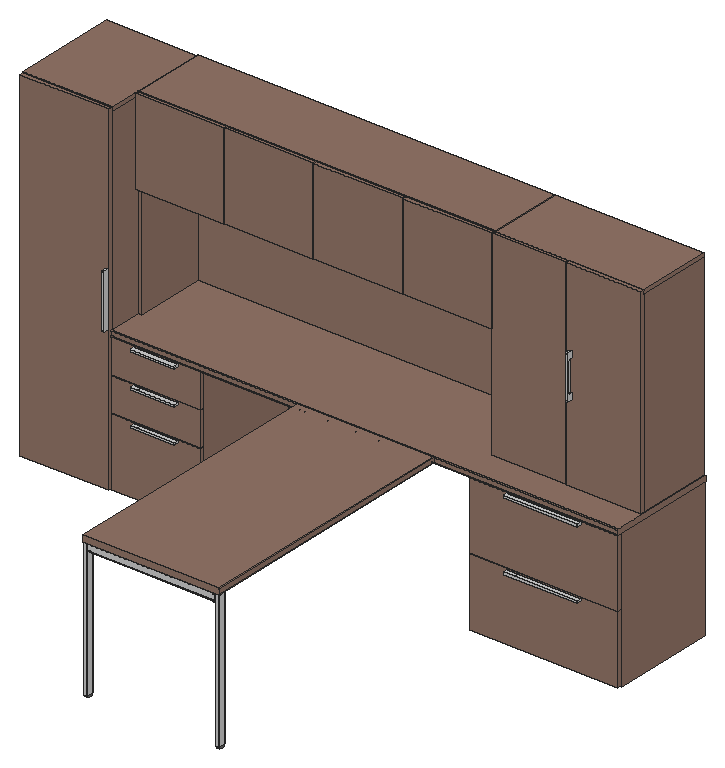
Revit family "FLV019", category Furniture, Revit 2019 (continued)
Definition of nested family "JSI-Flux-Wb_Pm_Ht"
  Forms (in)
    Extrusion 15, solid, material <- "Shelf"
      from -9.90625 to 9.25
    Extrusion 16, solid, material <- "Shelf"
      sketch origin (-1, 0, -32.16029) x (1, 0, 0) y (0, 0, 1)
        loop
          line (-34.28288, 68.46875) -> (-34.28288, 67.71875) -> (-23.78288, 67.71875) -> (-23.78288, 68.46875) -> (-34.28288, 68.46875)
      from -9.90625 to 9.25
    Extrusion 17, solid, material <- "Door Front"
      sketch origin (0, 0, 0) x (1, 0, 0) y (0, 1, 0)
        loop
          line (-35.97038, -10.3125) -> (-35.97038, -11.0625) -> (-18.09538, -11.0625) -> (-18.09538, -10.3125) -> (-35.97038, -10.3125)
      from 0.4375 to 81.09375
    Extrusion 18, solid, material <- "Chassis", visible <- "Partition"
      sketch origin (0, 0, 0) x (1, 0, 0) y (0, 1, 0)
        loop
          line (-24.78288, 9.90625) -> (-24.78288, -10.25) -> (-24.03288, -10.25) -> (-24.03288, 9.90625) -> (-24.78288, 9.90625)
      from 2.25 to 80.46875
    Extrusion 19, void
      sketch origin (0, 0, 0) x (1, 0, 0) y (0, 1, 0)
        loop
          line (-24.09538, -10.3125) -> (-24.09538, -11.3125) -> (-23.97038, -11.3125) -> (-23.97038, -10.3125) -> (-24.09538, -10.3125)
      from 0.3125 to 81.21875
    Extrusion 20, void
      sketch origin (0, 0, 0) x (1, 0, 0) y (0, 0, 1)
        loop
          line (-36.06413, 26.9375) -> (-24.06413, 26.9375) -> (-24.06413, 27.0625) -> (-36.06413, 27.0625) -> (-36.06413, 26.9375)
      from 10.3125 to 11.3125
    Extrusion 21, void
      sketch origin (0, 0, 0) x (1, 0, 0) y (0, 0, 1)
        loop
          line (-36.06413, 20.70313) -> (-36.06413, 20.57813) -> (-24.06413, 20.57813) -> (-24.06413, 20.70313) -> (-36.06413, 20.70313)
      from 10.3125 to 11.3125
    Extrusion 22, void
      sketch origin (0, 0, 0) x (1, 0, 0) y (0, 0, 1)
        loop
          line (-36.06413, 14.34375) -> (-36.06413, 14.21875) -> (-24.06413, 14.21875) -> (-24.06413, 14.34375) -> (-36.06413, 14.34375)
      from 10.3125 to 11.3125
    Extrusion 23, void
      sketch origin (0, 0, 0) x (1, 0, 0) y (0, 0, 1)
        loop
          line (-36.06413, 81.21875) -> (-36.06413, 27.0625) -> (-24.06413, 27.0625) -> (-24.06413, 81.21875) -> (-36.06413, 81.21875)
      from 10.3125 to 11.3125
    Extrusion 24, void
      sketch origin (0, 0, 0) x (1, 0, 0) y (0, 1, 0)
        loop
          line (-24.09538, -12.3125) -> (-24.09538, -13.3125) -> (-23.97038, -13.3125) -> (-23.97038, -12.3125) -> (-24.09538, -12.3125)
      from 26.9375 to 81.21875
  Cuts and joins
    Extrusion 19, Extrusion 20, Extrusion 21, Extrusion 22, Extrusion 23, Extrusion 24 cuts Extrusion 17
  Lines and regions (in)
    symbolic lines
      curve 1: line (-36.06413, 10.75, 0) -> (-36.06413, -10.28125, 0)
      curve 2: line (-18.00163, 10.75, 0) -> (-36.06413, 10.75, 0)
      curve 3: line (-18.00163, -10.28125, 0) -> (-36.06413, -10.28125, 0)
      curve 4: line (-18.00163, 10.75, 0) -> (-18.00163, -10.28125, 0)
      curve 15: line (-35.97038, -10.3125, 0) -> (-35.97038, -11.0625, 0)
      curve 16: line (-18.09538, -10.3125, 0) -> (-23.97038, -10.3125, 0)
      curve 17: line (-18.09538, -11.0625, 0) -> (-23.97038, -11.0625, 0)
      curve 18: line (-18.09538, -10.3125, 0) -> (-18.09538, -11.0625, 0)
      curve 21: line (-24.09538, -10.3125, 0) -> (-35.97038, -10.3125, 0)
      curve 22: line (-24.09538, -11.0625, 0) -> (-35.97038, -11.0625, 0)
    symbolic lines, detail levels medium+fine
      curve 5: line (-36.03288, 10.71875, 0) -> (-36.03288, -10.25, 0)
      curve 6: line (-35.28288, 10.71875, 0) -> (-35.28288, -10.25, 0)
      curve 7: line (-18.78288, 10.71875, 0) -> (-18.78288, -10.25, 0)
      curve 8: line (-18.03288, 10.71875, 0) -> (-18.03288, -10.25, 0)
      curve 9: line (-35.28288, 10.71875, 0) -> (-36.03288, 10.71875, 0)
      curve 10: line (-35.28288, -10.25, 0) -> (-36.03288, -10.25, 0)
      curve 11: line (-18.03288, 10.71875, 0) -> (-18.78288, 10.71875, 0)
      curve 12: line (-18.03288, -10.25, 0) -> (-18.78288, -10.25, 0)
      curve 13: line (-18.78288, 10.65625, 0) -> (-35.28288, 10.65625, 0)
      curve 14: line (-18.78288, 9.90625, 0) -> (-35.28288, 9.90625, 0)
    symbolic lines, visible <- "F"
      curve 19: line (-24.09538, -10.3125, 0) -> (-24.09538, -11.0625, 0)
      curve 20: line (-23.97038, -10.3125, 0) -> (-23.97038, -11.0625, 0)
    symbolic lines, visible <- "FD"
      curve 23: line (-24.09538, -10.3125, 0) -> (-23.97038, -10.3125, 0)
      curve 24: line (-24.09538, -11.0625, 0) -> (-23.97038, -11.0625, 0)
    symbolic lines, visible <- "Door Line"
      curve 25: line (-24.09538, -10.3125, 0) -> (-24.09538, -11.0625, 0)
      curve 26: line (-23.97038, -10.3125, 0) -> (-23.97038, -11.0625, 0)
    symbolic lines, visible <- "W"
      curve 27: line (-24.09538, -11.0625, 0) -> (-23.97038, -11.0625, 0)
      curve 28: line (-24.09538, -10.3125, 0) -> (-23.97038, -10.3125, 0)
  Dimensions and locks (in)
    locked: plane 2 "Center (Left/Right)" to plane 5 at 0.03125
    locked: plane 6 to plane 4 at 0.03125
    "Width": plane 2 "Center (Left/Right)" to plane 4
    locked: plane 7 to plane 3 "Center (Front/Back)" at 0.03125
    locked: plane 5 to plane 9 at 0.75
    locked: plane 10 to plane 6 at 0.75
    equal spacing: plane 2 "Center (Left/Right)", plane 11, plane 4
    "Height": plane 12 to plane 1
    locked: plane 12 to plane 16 at 0.75
    locked: plane 13 to plane 1 at 0.3125
    locked: plane 15 to plane 14 at 0.75
    locked: plane 14 to plane 13 at 1.1875
    plane 18 to plane 17 to plane 7 = 0' - 0 3/4" locked, 0' - 0 1/16" locked
    locked: plane 19 to plane 18 at 4
    plane 40 to plane 8 to plane 20 = 0' - 0 1/32", 0' - 0 1/32"
    locked: plane 20 to plane 21 at 4
    locked: plane 9 to plane 22 at 1
    locked: plane 23 to plane 10 at 1
    locked: plane 20 to plane 24 at 1
    locked: plane 25 to plane 18 at 1
    locked: curve 5 to curve 6 at 0.75
    locked: curve 7 to curve 8 at 0.75
    locked: plane 27 to plane 13 at 0.125
    locked: plane 5 to plane 28 at 0.0625
    locked: plane 29 to plane 6 at 0.0625
    plane 30 to plane 11 to plane 31 = 0' - 0 1/16" locked, 0' - 0 1/16" locked
    locked: plane 12 to plane 32 at 0.125
    locked: plane 34 to plane 33 at 0.75
    "Bottom_Shelf_ Dist": plane 34 to plane 15
    equal spacing: plane 33, plane 35, plane 15
    plane 36 to plane 35 to plane 37 = 0' - 0 3/8" locked, 0' - 0 3/8" locked
    locked: plane 38 to plane 39 at 0.75
    locked: plane 26 to plane 40 at 0.75
    "Depth": plane 26 to plane 3 "Center (Front/Back)"
    "C_Shelf_Width": Extrusion 12 sketch curve to Extrusion 12 sketch curve
    "Bottom_Shelf_Width": Extrusion 13 sketch curve to Extrusion 13 sketch curve
    "H_Dist_Bottom_Shelf": Extrusion 13 to plane 9
    "H_Dist_C_Panel": Extrusion 12 to plane 9
    "Top_Shelf_Width": Extrusion 14 sketch curve to Extrusion 14 sketch curve
    locked: Extrusion 14 sketch curve to Extrusion 14 sketch curve at 0.75
    "Top_Shelf_Width": Extrusion 15 sketch curve to Extrusion 15 sketch curve
    locked: Extrusion 15 sketch curve to Extrusion 15 sketch curve at 0.75
    equal spacing: group 1, group 2, group 3  (x2)
    equal spacing: group 3, group 2, group 1
    "H_Dist_Top_Shelf": Extrusion 14 to plane 2 "Center (Left/Right)"
    "Top_Shelf_Dist": plane 12 to Extrusion 14
    "Top_Shelf_Array_Dist": Extrusion 14 to Extrusion 15
    "Top_Shelf_Width": Extrusion 16 sketch curve to Extrusion 16 sketch curve
    locked: Extrusion 16 sketch curve to Extrusion 16 sketch curve at 0.75
    locked: plane 34 to plane 49 at 0.3125
    locked: plane 50 to plane 49 at 0.125
    locked: plane 51 to plane 14 at 0.125
    equal spacing: plane 49, plane 52, plane 51
    plane 53 to plane 52 to plane 54 = 0' - 0 1/16" locked, 0' - 0 1/16" locked
    locked: plane 55 to plane 56 at 0.75
    "Partition Dist": plane 2 "Center (Left/Right)" to plane 55
    locked: plane 57 to plane 58 at 0.125
    "H_Dist_V_Void": plane 2 "Center (Left/Right)" to plane 57
    equal spacing: plane 49, plane 59, plane 53
    plane 60 to plane 59 to plane 61 = 0' - 0 1/16" locked, 0' - 0 1/16" locked
    "H_Void_Width": plane 62 to plane 63
    "H_Void_H_Dist": plane 2 "Center (Left/Right)" to plane 62
    "V_Void_Dist": plane 41 to plane 40
    "H_Void_Top_Dist": plane 43 to plane 40
    "H_Void_C_Dist": plane 45 to plane 40
    "H_Void_Bottom_Dist": plane 47 to plane 40
    locked: plane 42 to plane 41 at 1
    locked: plane 44 to plane 43 at 1
    locked: plane 46 to plane 45 at 1
    locked: plane 48 to plane 47 at 1
    locked: plane 65 to plane 64 at 1
    "H_Void_Upper_Dist": plane 64 to plane 40
    equal spacing: plane 26, plane 67, plane 3 "Center (Front/Back)"
    locked: plane 12 to plane 68 at 3.625
    "Hanger_Dist": plane 2 "Center (Left/Right)" to plane 66
    locked: plane 49 to plane 72 at 0.20313
    locked: plane 61 to plane 73 at 0.20312
    locked: plane 54 to plane 74 at 0.20312
    "Top_Pull_Dist": plane 2 "Center (Left/Right)" to plane 69
    "C_Pull_Dist": plane 2 "Center (Left/Right)" to plane 70
    "Bottom_Pull_Dist": plane 2 "Center (Left/Right)" to plane 71
    plane 12 to plane 13 = 6' - 8 29/32"
    equal spacing: plane 12, plane 77, plane 13
    "L_Vertical_Pull_Dist": plane 2 "Center (Left/Right)" to plane 75
    "R_Vertical_Pull_Dist": plane 2 "Center (Left/Right)" to plane 76
    "Top_2_Pull_Dist": plane 2 "Center (Left/Right)" to plane 78
    locked: plane 80 to plane 79 at 1
    "Top_V_Void_Dist": plane 79 to plane 43
    radius of Extrusion 8 sketch curve = 0' - 0 1/2"
    radius of Extrusion 9 sketch curve = 0' - 0 1/2"
    radius of Extrusion 10 sketch curve = 0' - 0 1/2"
    radius of Extrusion 11 sketch curve = 0' - 0 1/2"
    aligned and locked: level to plane 1
    aligned and locked: Extrusion 1 sketch curve to plane 5
    aligned and locked: Extrusion 1 sketch curve to plane 9
    aligned and locked: Extrusion 1 sketch curve to plane 7
    aligned and locked: Extrusion 2 sketch curve to plane 7
    aligned and locked: Extrusion 2 sketch curve to plane 6
    aligned and locked: Extrusion 2 sketch curve to plane 10
    aligned and locked: Extrusion 3 sketch curve to plane 17
    aligned and locked: Extrusion 3 sketch curve to plane 18
    aligned and locked: Extrusion 3 sketch curve to plane 9
    aligned and locked: Extrusion 3 sketch curve to plane 10
    aligned and locked: plane 16 to Extrusion 3
    aligned and locked: plane 3 "Center (Front/Back)" to Extrusion 4 sketch curve
    aligned and locked: plane 12 to Extrusion 4 sketch curve
    aligned and locked: plane 16 to Extrusion 4 sketch curve
    aligned and locked: plane 8 to Extrusion 4 sketch curve
    aligned and locked: Extrusion 4 to plane 2 "Center (Left/Right)"
    aligned and locked: plane 4 to Extrusion 4
    aligned and locked: plane 18 to Extrusion 5 sketch curve
    aligned and locked: plane 19 to Extrusion 5 sketch curve
    aligned and locked: plane 13 to Extrusion 5 sketch curve
    aligned and locked: plane 14 to Extrusion 5 sketch curve
    aligned and locked: Extrusion 3 to plane 13
    aligned and locked: plane 21 to Extrusion 6 sketch curve
    aligned and locked: plane 20 to Extrusion 6 sketch curve
    aligned and locked: plane 13 to Extrusion 6 sketch curve
    aligned and locked: plane 14 to Extrusion 6 sketch curve
    aligned and locked: Extrusion 5 to plane 9
    aligned and locked: Extrusion 6 to plane 9
    aligned and locked: plane 10 to Extrusion 6
    aligned and locked: plane 10 to Extrusion 5
    aligned and locked: plane 14 to Extrusion 7 sketch curve
    aligned and locked: plane 15 to Extrusion 7 sketch curve
    aligned and locked: plane 18 to Extrusion 7 sketch curve
    aligned and locked: plane 20 to Extrusion 7 sketch curve
    aligned and locked: Extrusion 7 to plane 9
    aligned and locked: plane 10 to Extrusion 7
    aligned and locked: Extrusion 10 to plane 1
    aligned and locked: Extrusion 8 to plane 1
    aligned and locked: plane 13 to Extrusion 8
    aligned and locked: plane 13 to Extrusion 10
    aligned and locked: Extrusion 11 to plane 1
    aligned and locked: Extrusion 9 to plane 1
    aligned and locked: plane 13 to Extrusion 9
    aligned and locked: plane 13 to Extrusion 11
    aligned and locked: plane 11 to nested 1
    aligned and locked: curve 1 to plane 2 "Center (Left/Right)"
    aligned and locked: curve 2 to plane 3 "Center (Front/Back)"
    aligned and locked: curve 4 to plane 4
    aligned and locked: curve 9 to plane 7
    aligned and locked: curve 11 to plane 7
    aligned and locked: curve 5 to plane 5
    aligned and locked: curve 7 to plane 10
    aligned and locked: plane 9 to curve 14
    aligned and locked: plane 10 to curve 13
    aligned and locked: plane 10 to curve 14
    aligned and locked: plane 26 to nested 1
    aligned and locked: plane 8 to Extrusion 4
    aligned and locked: plane 20 to Extrusion 1
    aligned and locked: curve 10 to plane 20
    aligned and locked: curve 12 to plane 20
    aligned and locked: plane 20 to Extrusion 2
    aligned and locked: Extrusion 12 sketch curve to plane 33
    aligned and locked: Extrusion 12 sketch curve to plane 34
    aligned and locked: Extrusion 12 to plane 18
    aligned and locked: plane 20 to Extrusion 12
    aligned and locked: Extrusion 13 sketch curve to plane 37
    aligned and locked: Extrusion 13 sketch curve to plane 36
    aligned and locked: Extrusion 14 to plane 18
    aligned and locked: plane 24 to Extrusion 14
    aligned and locked: Extrusion 14 to Extrusion 15
    aligned and locked: Extrusion 17 sketch curve to plane 28
    aligned and locked: Extrusion 17 sketch curve to plane 40
    aligned and locked: Extrusion 17 sketch curve to plane 26
    aligned and locked: Extrusion 17 sketch curve to plane 29
    aligned and locked: Extrusion 17 to plane 27
    aligned and locked: plane 32 to Extrusion 17
    aligned and locked: Extrusion 18 sketch curve to plane 55
    aligned and locked: Extrusion 18 sketch curve to plane 56
    aligned and locked: Extrusion 18 sketch curve to plane 18
    aligned and locked: Extrusion 18 sketch curve to plane 20
    aligned and locked: Extrusion 18 to plane 15
    aligned and locked: plane 16 to Extrusion 18
    aligned and locked: Extrusion 13 to plane 18
    aligned and locked: plane 20 to Extrusion 13
    aligned and locked: Extrusion 19 sketch curve to plane 57
    aligned and locked: Extrusion 19 sketch curve to plane 58
    aligned and locked: Extrusion 19 sketch curve to plane 41
    aligned and locked: Extrusion 19 sketch curve to plane 42
    aligned and locked: Extrusion 19 to plane 13
    aligned and locked: plane 12 to Extrusion 19
    aligned and locked: Extrusion 20 sketch curve to plane 49
    aligned and locked: Extrusion 20 sketch curve to plane 50
    aligned and locked: Extrusion 20 sketch curve to plane 62
    aligned and locked: Extrusion 20 sketch curve to plane 63
    aligned and locked: plane 44 to Extrusion 20
    aligned and locked: Extrusion 20 to plane 43
    aligned and locked: Extrusion 21 sketch curve to plane 60
    aligned and locked: Extrusion 21 sketch curve to plane 61
    aligned and locked: Extrusion 21 sketch curve to plane 62
    aligned and locked: Extrusion 21 sketch curve to plane 63
    aligned and locked: plane 46 to Extrusion 21
    aligned and locked: Extrusion 21 to plane 45
    aligned and locked: Extrusion 22 sketch curve to plane 53
    aligned and locked: Extrusion 22 sketch curve to plane 54
    aligned and locked: Extrusion 22 sketch curve to plane 62
    aligned and locked: Extrusion 22 sketch curve to plane 63
    aligned and locked: plane 48 to Extrusion 22
    aligned and locked: Extrusion 22 to plane 47
    aligned and locked: Extrusion 23 sketch curve to plane 12
    aligned and locked: Extrusion 23 sketch curve to plane 62
    aligned and locked: Extrusion 23 sketch curve to plane 63
    aligned and locked: Extrusion 23 sketch curve to plane 50
    aligned and locked: plane 65 to Extrusion 23
    aligned and locked: Extrusion 23 to plane 64
    aligned and locked: plane 66 to nested 2
    aligned and locked: plane 68 to nested 2
    aligned and locked: plane 67 to nested 2
    aligned and locked: nested 3 to plane 69
    aligned and locked: nested 4 to plane 70
    aligned and locked: nested 5 to plane 71
    aligned and locked: plane 72 to nested 3
    aligned and locked: plane 73 to nested 4
    aligned and locked: plane 74 to nested 5
    aligned and locked: plane 77 to nested 6
    aligned and locked: plane 75 to nested 6
    aligned and locked: plane 77 to nested 7
    aligned and locked: plane 76 to nested 7
    aligned and locked: plane 26 to nested 3
    aligned and locked: nested 4 to plane 26
    aligned and locked: plane 26 to nested 5
    aligned and locked: plane 26 to nested 6
    aligned and locked: plane 26 to nested 7
    aligned and locked: plane 16 to Extrusion 1
    aligned and locked: plane 16 to Extrusion 2
    aligned and locked: curve 15 to plane 28
    aligned and locked: curve 16 to plane 40
    aligned and locked: curve 17 to plane 26
    aligned and locked: curve 18 to plane 29
    aligned and locked: plane 58 to curve 24
    aligned and locked: plane 40 to curve 23
    aligned and locked: plane 26 to curve 24
    aligned and locked: plane 72 to nested 8
    aligned and locked: nested 8 to plane 78
    aligned and locked: Extrusion 24 sketch curve to plane 57
    aligned and locked: Extrusion 24 sketch curve to plane 58
    aligned and locked: Extrusion 24 sketch curve to plane 79
    aligned and locked: Extrusion 24 sketch curve to plane 80
    aligned and locked: plane 12 to Extrusion 24
    aligned and locked: Extrusion 24 to plane 49
    aligned and locked: curve 25 to plane 57
    aligned and locked: curve 26 to plane 58
    aligned and locked: plane 40 to curve 26
    aligned and locked: plane 26 to curve 26
    aligned and locked: plane 26 to curve 27
    aligned and locked: plane 40 to curve 28
  Automatic sketch dimensions
    Extrusion 8 sketch curve to plane 22 = 0' - 0"
    plane 25 to Extrusion 8 sketch curve = 0' - 0"
    Extrusion 9 sketch curve to plane 23 = 0' - 0"
    plane 25 to Extrusion 9 sketch curve = 0' - 0"
    Extrusion 10 sketch curve to plane 22 = 0' - 0"
    plane 24 to Extrusion 10 sketch curve = 0' - 0"
    Extrusion 11 sketch curve to plane 23 = 0' - 0"
    plane 24 to Extrusion 11 sketch curve = 0' - 0"
    plane 20 to Extrusion 1 sketch curve = 0' - 0"
    plane 20 to Extrusion 2 sketch curve = 0' - 0"
    plane 8 to curve 4 = 0' - 0"
    plane 18 to curve 14 = 0' - 0"
    plane 17 to curve 13 = 0' - 0"
    Extrusion 12 sketch curve to plane 9 = 0' - 0"
    Extrusion 13 sketch curve to plane 56 = 0' - 0"
  Nested families (in)
    nested 1: "Label 1-16" at (-27.03288, -11.0625, 0), type "DRWCFG"
    nested 2: "Hanger" at (-28.02501, -0.15625, 77.59375), Hngr L <- "Hngr_L", Hngr R <- "Hngr_R", Hanger Finish <- "Pull Finish", type "HNGR"
      with Hngr R no, Hngr L yes, Hanger Finish none
    nested 3: "Bar Pull CL" at (-32.97814, -11.0625, 26.73438), visible <- "Top_Pull", Pull Line <- "Top_Pull", Pull Finish <- "Pull Finish", type "PL"
      with Pull Line yes, Pull Finish none, Stud 0' - 1.54911", Pull Width 0' - 10 27/32"
    nested 4: "Bar Pull CL" at (-32.97814, -11.0625, 20.375), visible <- "C_Pull", Pull Line <- "C_Pull", Pull Finish <- "Pull Finish", type "PL"
      with Pull Line yes, Pull Finish none, Stud 0' - 1.54911", Pull Width 0' - 10 27/32"
    nested 5: "Bar Pull CL" at (-32.97814, -11.0625, 14.01563), visible <- "Bottom Pull", Pull Line <- "Bottom Pull", Pull Finish <- "Pull Finish", type "PL"
      with Pull Line yes, Pull Finish none, Stud 0' - 1.54911", Pull Width 0' - 10 27/32"
    nested 6: "Bar Pull V" at (-27.55626, -11.0625, 40.76563), Pull R <- "V_Pull_L_R", Pull L <- "V_Pull_L_L", Pull Finish <- "Pull Finish", type "PL"
      with Pull R no, Pull L no, Pull Finish none, Tuks Width 0' - 2.47396", Pull Width 1' - 2 27/32"
    nested 7: "Bar Pull V" at (-26.99376, -11.0625, 40.76563), Pull R <- "V_Pull_R_R", Pull L <- "V_Pull_R_L", Pull Finish <- "Pull Finish", type "PL"
      with Pull R no, Pull L yes, Pull Finish none, Tuks Width 0' - 2.47396", Pull Width 1' - 2 27/32"
    nested 8: "Bar Pull CL" at (-13.82189, -11.0625, 26.73438), Pull Finish <- "Pull Finish", visible <- "Top_2_Pull", Pull Line <- "Top_2_Pull", type "PL"
      with Pull Line no, Pull Finish none, Stud 0' - 1.54911", Pull Width 0' - 10 27/32"
  Definition of nested family "Hanger"
    Parameters
      Hngr L [instance] = yes
      Hngr R [instance] = yes
      Hanger Finish [instance] = none
    Reference planes (in)
      plane 1 "Center Front/Back": y = 0
      plane 2: z = 0
      plane 3 "Center Left/Right": x = 3.24213
    Forms (in)
      Extrusion 1, solid, material <- "Hanger Finish", visible <- "Hngr R"
        sketch origin (0, 0, -65.69959) x (1, 0, 0) y (0, 0, 1)
          loop
            line (3.24213, 65.32459) -> (3.24213, 63.58858)
            arc (3.24213, 63.58858) -> (3.7521, 62.87944) -> (4.58667, 63.13722) r 0.74803
            line (4.58667, 63.13722) -> (4.85512, 63.492) -> (4.73078, 63.58608) -> (4.45513, 63.2218)
            arc (4.45513, 63.2218) -> (3.83, 63.04103) -> (3.47835, 63.58858) r 0.54433
            line (3.47835, 63.58858) -> (3.55698, 64.7131)
            arc (3.55698, 64.7131) -> (3.65039, 65.09816) -> (3.86566, 65.43082) r 1.18359
            line (3.86566, 65.43082) -> (3.6823, 65.63583) -> (3.37377, 65.35987)
            arc (3.37377, 65.35987) -> (3.31215, 65.32654) -> (3.24213, 65.32459) r 0.15109
        from -0.46747 to 0.46747
      Extrusion 2, void
        sketch origin (3.24213, 0, -65.69959) x (0, 1, 0) y (0, 0, 1)
          loop
            line (0.46747, 65.91904) -> (0.30479, 62.81504) -> (0.46747, 62.81504) -> (0.46747, 65.91904)
          loop
            line (-0.46747, 65.91904) -> (-0.46747, 62.81504) -> (-0.30479, 62.81504) -> (-0.46747, 65.91904)
        from -1.75548 to 1.75581
      Extrusion 3, solid, material <- "Hanger Finish", visible <- "Hngr L"
        sketch origin (6.48425, 0, -65.69959) x (-1, 0, 0) y (0, 0, -1)
          loop
            arc (3.24213, -65.32459) -> (3.31215, -65.32654) -> (3.37377, -65.35987) r 0.15109
            line (3.37377, -65.35987) -> (3.6823, -65.63583) -> (3.86566, -65.43082)
            arc (3.86566, -65.43082) -> (3.65039, -65.09816) -> (3.55698, -64.7131) r 1.18359
            line (3.55698, -64.7131) -> (3.47835, -63.58858)
            arc (3.47835, -63.58858) -> (3.83, -63.04103) -> (4.45513, -63.2218) r 0.54433
            line (4.45513, -63.2218) -> (4.73078, -63.58608) -> (4.85512, -63.492) -> (4.58667, -63.13722)
            arc (4.58667, -63.13722) -> (3.7521, -62.87944) -> (3.24213, -63.58858) r 0.74803
            line (3.24213, -63.58858) -> (3.24213, -65.32459)
        from -0.46747 to 0.46747
    Cuts and joins
      Extrusion 2 cuts Extrusion 3
      Extrusion 2 cuts Extrusion 1
    Dimensions and locks (in)
      aligned and locked: level to plane 2
  Definition of nested family "Bar Pull CL"
    Parameters
      Stud = Pull Width / 7  # 0' - 2.12054"
      Pull Width = 1' - 2 27/32"
      Pull Line [instance] = yes
      Pull Finish [instance] = none
    Reference planes (in)
      plane 1 "Center Front/Back": y = 0
      plane 2: z = 0
      plane 3 "Center Left/Right": x = 3.24213
    Forms (in)
      Extrusion 1, solid, material <- "Pull Finish"
        sketch origin (0, 0, 0) x (1, 0, 0) y (0, 1, 0)
          loop
            line (-4.17975, 0) -> (-4.17975, -0.85113)
            arc (-4.17975, -0.85113) -> (-4.15229, -0.91742) -> (-4.086, -0.94488) r 0.09375
            line (-4.086, -0.94488) -> (10.58526, -0.94488)
            arc (10.58526, -0.94488) -> (10.64094, -0.92182) -> (10.664, -0.86614) r 0.07874
            line (10.664, -0.86614) -> (10.664, 0) -> (8.54347, 0) -> (8.54347, -0.70177)
            arc (8.54347, -0.70177) -> (8.50685, -0.79016) -> (8.41847, -0.82677) r 0.125
            line (8.41847, -0.82677) -> (-1.93421, -0.82677)
            arc (-1.93421, -0.82677) -> (-2.0226, -0.79016) -> (-2.05921, -0.70177) r 0.125
            line (-2.05921, -0.70177) -> (-2.05921, 0) -> (-4.17975, 0)
        from -0.43307 to -0.11811
      Extrusion 2, solid, material <- "Pull Finish"
        sketch origin (0, 0, 0) x (1, 0, 0) y (0, 1, 0)
          loop
            line (-4.17975, 0) -> (-4.17975, -0.85113)
            arc (-4.17975, -0.85113) -> (-4.15229, -0.91742) -> (-4.086, -0.94488) r 0.09375
            line (-4.086, -0.94488) -> (10.58526, -0.94488)
            arc (10.58526, -0.94488) -> (10.64094, -0.92182) -> (10.664, -0.86614) r 0.07874
            line (10.664, -0.86614) -> (10.664, 0) -> (-4.17975, 0)
        from 0 to -0.11811
    Cuts and joins
      joined: Extrusion 1, Extrusion 2
    Lines and regions (in)
      symbolic lines, visible <- "Pull Line"
        curve 1: line (-4.17975, 0, 0) -> (-4.17975, -0.85113, 0)
        curve 2: line (10.664, -0.86614, 0) -> (10.664, 0, 0)
        curve 3: line (-4.086, -0.94488, 0) -> (10.58526, -0.94488, 0)
        curve 4: arc (-4.17975, -0.85113, 0) -> (-4.15229, -0.91742, 0) -> (-4.086, -0.94488, 0) r 0.09375
        curve 5: arc (10.58526, -0.94488, 0) -> (10.64094, -0.92182, 0) -> (10.664, -0.86614, 0) r 0.07874
    Dimensions and locks (in)
      equal spacing: Extrusion 1 sketch curve, plane 3 "Center Left/Right", Extrusion 1 sketch curve
      "Stud": Extrusion 1 sketch curve to Extrusion 1 sketch curve  (x2)
      "Pull Width": Extrusion 1 sketch curve to Extrusion 1 sketch curve
      aligned and locked: level to plane 2
      aligned and locked: Extrusion 2 sketch curve to Extrusion 1  (x2)
      aligned and locked: cut or joined group of Extrusion 1, Extrusion 2 to curve 1
      aligned and locked: curve 4 to cut or joined group of Extrusion 1, Extrusion 2
      aligned and locked: curve 5 to cut or joined group of Extrusion 1, Extrusion 2
      aligned and locked: plane 1 "Center Front/Back" to curve 1
      aligned and locked: plane 1 "Center Front/Back" to curve 2
    Automatic sketch dimensions
      plane 1 "Center Front/Back" to Extrusion 2 sketch curve = 0' - 0"
      plane 1 "Center Front/Back" to Extrusion 1 sketch curve = 0' - 0"  (x2)
      Extrusion 1 sketch curve to Extrusion 1 sketch curve = 0' - 0 3/32"
      Extrusion 1 sketch curve to Extrusion 1 sketch curve = 0' - 0 1/8"  (x2)
      Extrusion 1 sketch curve to Extrusion 1 sketch curve = 0' - 0.07874"
      plane 1 "Center Front/Back" to Extrusion 1 sketch curve = 0' - 0.70177"
      Extrusion 1 sketch curve to Extrusion 1 sketch curve = 0' - 0.85113"
  Definition of nested family "Bar Pull V"
    Parameters
      Tuks Width = Pull Width / 6  # 0' - 2.47917"
      Pull Width = 1' - 2 7/8"
      Pull R [instance] = yes
      Pull L [instance] = yes
      Pull Finish [instance] = none
    Reference planes (in)
      plane 1 "Center Front/Back": y = 0
      plane 2: z = 0
      plane 3 "Center Left/Right": x = 3.24213
      plane 4: z = 7.4375
      plane 5: z = -7.4375
      plane 6: z = 4.95833
      plane 7: z = -4.95833
    Forms (in)
      Extrusion 1, solid, material <- "Pull Finish", visible <- "Pull R"
        sketch origin (3.24213, 0, 3.24963) x (0, 0, -1) y (0, 1, 0)
          loop
            line (-4.18787, 0) -> (-4.18787, -0.85113)
            arc (-4.18787, -0.85113) -> (-4.16041, -0.91742) -> (-4.09412, -0.94488) r 0.09375
            line (-4.09412, -0.94488) -> (10.60839, -0.94488)
            arc (10.60839, -0.94488) -> (10.66407, -0.92182) -> (10.68713, -0.86614) r 0.07874
            line (10.68713, -0.86614) -> (10.68713, 0) -> (8.20796, 0) -> (8.20796, -0.70177)
            arc (8.20796, -0.70177) -> (8.17135, -0.79016) -> (8.08296, -0.82677) r 0.125
            line (8.08296, -0.82677) -> (-1.5837, -0.82677)
            arc (-1.5837, -0.82677) -> (-1.67209, -0.79016) -> (-1.7087, -0.70177) r 0.125
            line (-1.7087, -0.70177) -> (-1.7087, 0) -> (-4.18787, 0)
        from -0.43307 to -0.11811
      Extrusion 2, solid, material <- "Pull Finish", visible <- "Pull R"
        sketch origin (3.24213, 0, 3.24963) x (0, 0, -1) y (0, 1, 0)
          loop
            line (-4.18787, 0) -> (-4.18787, -0.85113)
            arc (-4.18787, -0.85113) -> (-4.16041, -0.91742) -> (-4.09412, -0.94488) r 0.09375
            line (-4.09412, -0.94488) -> (10.60839, -0.94488)
            arc (10.60839, -0.94488) -> (10.66407, -0.92182) -> (10.68713, -0.86614) r 0.07874
            line (10.68713, -0.86614) -> (10.68713, 0) -> (-4.18787, 0)
        from 0 to -0.11811
      Extrusion 3, solid, material <- "Pull Finish", visible <- "Pull L"
        sketch origin (3.24213, 0, 3.24963) x (0, 0, -1) y (0, -1, 0)
          loop
            line (-4.18787, 0) -> (-1.7087, 0) -> (-1.7087, 0.70177)
            arc (-1.7087, 0.70177) -> (-1.67209, 0.79016) -> (-1.5837, 0.82677) r 0.125
            line (-1.5837, 0.82677) -> (8.08296, 0.82677)
            arc (8.08296, 0.82677) -> (8.17135, 0.79016) -> (8.20796, 0.70177) r 0.125
            line (8.20796, 0.70177) -> (8.20796, 0) -> (10.68713, 0) -> (10.68713, 0.86614)
            arc (10.68713, 0.86614) -> (10.66407, 0.92182) -> (10.60839, 0.94488) r 0.07874
            line (10.60839, 0.94488) -> (-4.09412, 0.94488)
            arc (-4.09412, 0.94488) -> (-4.16041, 0.91742) -> (-4.18787, 0.85113) r 0.09375
            line (-4.18787, 0.85113) -> (-4.18787, 0)
        from -0.43307 to -0.11811
      Extrusion 4, solid, material <- "Pull Finish", visible <- "Pull L"
        sketch origin (3.24213, 0, 3.24963) x (0, 0, -1) y (0, -1, 0)
          loop
            line (-4.18787, 0) -> (10.68713, 0) -> (10.68713, 0.86614)
            arc (10.68713, 0.86614) -> (10.66407, 0.92182) -> (10.60839, 0.94488) r 0.07874
            line (10.60839, 0.94488) -> (-4.09412, 0.94488)
            arc (-4.09412, 0.94488) -> (-4.16041, 0.91742) -> (-4.18787, 0.85113) r 0.09375
            line (-4.18787, 0.85113) -> (-4.18787, 0)
        from 0 to -0.11811
    Cuts and joins
      joined: Extrusion 1, Extrusion 2
      joined: Extrusion 3, Extrusion 4
    Dimensions and locks (in)
      "Pull Width": plane 4 to plane 5
      "Tuks Width": plane 4 to plane 6
      "Tuks Width": plane 7 to plane 5
      equal spacing: plane 4, plane 2, plane 5
      aligned and locked: level to plane 2
      aligned and locked: Extrusion 2 sketch curve to Extrusion 1  (x2)
      aligned and locked: Extrusion 4 sketch curve to Extrusion 3  (x2)
      aligned and locked: plane 4 to cut or joined group of Extrusion 1, Extrusion 2  (x3)
      aligned and locked: plane 4 to cut or joined group of Extrusion 3, Extrusion 4
      aligned and locked: cut or joined group of Extrusion 1, Extrusion 2 to plane 6
      aligned and locked: cut or joined group of Extrusion 3, Extrusion 4 to plane 6
      aligned and locked: plane 7 to cut or joined group of Extrusion 1, Extrusion 2
      aligned and locked: cut or joined group of Extrusion 1, Extrusion 2 to plane 5
      aligned and locked: cut or joined group of Extrusion 3, Extrusion 4 to plane 5
    Automatic sketch dimensions
      Extrusion 1 sketch curve to plane 4 = 0' - 0"
      Extrusion 1 sketch curve to plane 6 = 0' - 0"
      Extrusion 1 sketch curve to plane 1 "Center Front/Back" = 0' - 0"  (x2)
      Extrusion 1 sketch curve to plane 7 = 0' - 0"
      Extrusion 1 sketch curve to plane 5 = 0' - 0"
      Extrusion 1 sketch curve to Extrusion 1 sketch curve = 0' - 0 3/32"
      Extrusion 1 sketch curve to plane 6 = 0' - 0 1/8"
      plane 7 to Extrusion 1 sketch curve = 0' - 0 1/8"
      plane 5 to Extrusion 1 sketch curve = 0' - 0.07874"
      plane 1 "Center Front/Back" to Extrusion 1 sketch curve = 0' - 0.70177"
      Extrusion 1 sketch curve to Extrusion 1 sketch curve = 0' - 0.85113"
      Extrusion 2 sketch curve to plane 4 = 0' - 0"
      Extrusion 2 sketch curve to plane 5 = 0' - 0"
      Extrusion 2 sketch curve to Extrusion 2 sketch curve = 0' - 0 3/32"
      Extrusion 2 sketch curve to Extrusion 2 sketch curve = 0' - 0.07874"
      Extrusion 3 sketch curve to plane 4 = 0' - 0"
      Extrusion 3 sketch curve to plane 6 = 0' - 0"
      Extrusion 3 sketch curve to plane 1 "Center Front/Back" = 0' - 0"  (x2)
      Extrusion 3 sketch curve to plane 7 = 0' - 0"
      Extrusion 3 sketch curve to plane 5 = 0' - 0"
      Extrusion 3 sketch curve to plane 4 = 0' - 0 3/32"
      Extrusion 3 sketch curve to plane 6 = 0' - 0 1/8"
      plane 7 to Extrusion 3 sketch curve = 0' - 0 1/8"
      plane 5 to Extrusion 3 sketch curve = 0' - 0.07874"
      plane 1 "Center Front/Back" to Extrusion 3 sketch curve = 0' - 0.70177"
      Extrusion 3 sketch curve to Extrusion 3 sketch curve = 0' - 0.85113"
      Extrusion 4 sketch curve to plane 4 = 0' - 0"
      Extrusion 4 sketch curve to plane 5 = 0' - 0"
      Extrusion 4 sketch curve to plane 4 = 0' - 0 3/32"
      Extrusion 4 sketch curve to Extrusion 4 sketch curve = 0' - 0.07874"
  Definition of nested family "Label 1-16"
    Parameters
      Model Name = "BF - BF - BF"
    Reference planes (in)
      plane 1: y = 0
      plane 2: x = 0
    Text (in)
      label "XX" at (0.00051, -0.12324, 0), shows "Model Name"
Definition of nested family "JSI-Flux-Strg_Tower"
  Parameters (values of type "Type Catalog - Strg Tower")
    WB_Shelf_Width = 1' - 0"
    WB_Shelf_Height = Shelf Dist  # 1' - 0 13/16"
    WB_Shelf_Dist = if(Width > 2' 4", (if(L, 0' 9 3/4", (Width - 1' 9 3/4"))), 0' 0 3/4")  # 0' - 9 3/4"
    WB = no
    Top Width = Width  # 2' - 11 7/8"
    Top Dist = 0' - 0"
    Top = none
    Width = 2' - 11 7/8"
    URL = "www.jsifurniture.com"
    Type Comments = ""
    TAG = if(Width > 2' 4", (if(Doors, (if(SL, (if(L, "Open - 1 Doors", "1 Door - 1 Open")), "2 Doors")), "Open")), (if(Doors, "1 Door", "Open")))  # "2 Doors"
    Shelf_H_Dist = if(WB, (if(L, 0' 0 3/4", (Width - 0' 9"))), 0' 0 3/4")  # 0' - 0 3/4"
    Shelf Width = if(WB, 0' 8 1/4", Width - 0' 1 1/2")  # 2' - 10 3/8"
    Shelf Dist = ((Height - (0' 0 3/4" * (# of Shelf + 2))) / (# of Shelf + 1)) + 0' 0 3/4"  # 1' - 0 13/16"
    Shelf Array Dist = ((Height - (0' 0 3/4" * (# of Shelf + 2))) / (# of Shelf + 1)) + 0' 0 3/4"  # 1' - 0 13/16"
    Shelf = none
    Series = "FLUX"  # constant formula
    SL = no
    Right Pull = yes
    Pull Height = if(SL, 1' 0", Height / 2)  # 2' - 2"
    Pull Finish = none
    Pull Distance = if(SL, (if(L, (Width - 0' 0 7/8"), 0' 0 7/8")), (Door Width + 0' 0 43/64"))  # 1' - 6 35/64"
    Part_R_V_Dist = if(WB, (if(L, 0' 0 3/4", 0' 0")), 0' 0")  # 0' - 0"
    Part_R_Dist = if(WB, (if(L, 0' 9", Width - 0' 0 3/4")), Width - 0' 0 3/4")  # 2' - 11 1/8"
    Part_L_V_Dist = if(WB, (if(L, 0' 0", 0' 0 3/4")), 0' 0")  # 0' - 0"
    Part_L_Dist = if(WB, (if(L, 0' 0", Width - 0' 9 3/4")), 0' 0")  # 0' - 0"
    Part Depth_R = if(WB, (if(L, 0' 0 13/16", 0' 0")), 0' 0")  # 0' - 0"
    Part Depth_L = if(WB, (if(L, 0' 0", 0' 0 13/16")), 0' 0")  # 0' - 0"
    OH Elevation = 2' - 5"
    Model = ""
    Manufacturer = "JSI"  # constant formula
    Left Pull = no
    Lable Dist = if(Doors, 0' 0 13/16", 0' 0")  # 0' - 0 13/16"
    L = yes
    Keynote = "12500"
    JSI Enviromental Website = "http://www.jsifurniture.com/jsi_sustainability_intro.php"
    Height = 4' - 4"
    Doors = yes
    Door Width = if(Width > 2' 4", (if(SL, (if(WB, (Width - 0' 9"), ((Width / 2) + 0' 0 1/4"))), ((Width - 0' 0 1/8") / 2))), Width)  # 1' - 5 7/8"
    Door Dist = if(WB, (if(L, 0' 9", 0' 0")), 0' 0")  # 0' - 0"
    Door Array Dist = if(SL, 0' 0", Door Width + 0' 0 1/8")  # 1' - 6"
    Back Width = if(WB, (Width - 0' 0 3/4"), (Width - 0' 1 1/2"))  # 2' - 10 3/8"
    Back Panel = none
    Door Front = none
    Description = ""
    Depth = 1' - 3 13/16"
    Chassis = none
    Back Dist = if(WB, (if(L, 0' 0 3/4", 0' 0")), 0' 0 3/4")  # 0' - 0 3/4"
    Assembly Code = "E2020200"
    # of Shelf = if(Height > 3' 4", (if(WB, 4, 3)), 2)  # 3
    # of Doors = 2
  Reference planes (in)
    plane 1: z = 0
    plane 2 "Center (Left/Right)": x = -36.06413
    plane 3 "Center (Front/Back)": y = 10.75
    plane 4: x = -36.06413
    plane 5: y = 10.6875
    plane 6: y = 9.9375
    plane 7: y = -4.25
    plane 8: y = -4.3125
    plane 9: y = -5.0625
    plane 10: x = -36.06413
    plane 11: x = -35.31413
    plane 12: x = -26.31413
    plane 13: x = -27.06413
    plane 14: x = -36.06413
    plane 15: x = -0.18913
    plane 16: z = 29
    plane 17: z = 81
    plane 18: z = 29.75
    plane 19: z = 80.25
    plane 20: x = -35.31413
    plane 21: x = -0.93913
    plane 22: x = -26.31413
    plane 23: z = 55
    plane 24: z = 55.375
    plane 25: z = 54.625
    plane 26: y = -2.0625
    plane 27: x = -26.31413
    plane 28: x = -14.31413
    plane 29: z = 42.5625
    plane 30: z = 41.8125
    plane 31: x = -35.31413
    plane 32: y = 10.75
    plane 33: x = -18.06413
    plane 34: x = -18.18913
    plane 35: x = -36.06413
    plane 36: x = -1.93913
    plane 37: x = -17.51726
    plane 38: z = 55
    plane 39: x = -36.06413
    plane 40: x = -35.31413
    plane 41: x = -0.93913
    plane 42: x = -0.18913
    plane 43: y = 10.75
    plane 44: z = 29
    plane 45: z = 29
    plane 46: x = -36.06413
    plane 47: x = -0.18913
    plane 48: x = -18.12663
  Forms (in)
    Extrusion 1, solid, material <- "Top"
      sketch origin (0, 0, 0) x (1, 0, 0) y (0, 0, 1)
        loop
          line (-36.06413, 81) -> (-36.06413, 80.25) -> (-0.18913, 80.25) -> (-0.18913, 81) -> (-36.06413, 81)
      from -10.75 to 4.25
    Extrusion 2, solid, material <- "Shelf"
      sketch origin (0, 0, 0) x (1, 0, 0) y (0, 0, 1)
        loop
          line (-35.31413, 29) -> (-0.93913, 29) -> (-0.93913, 29.75) -> (-35.31413, 29.75) -> (-35.31413, 29)
      from -9.9375 to 4.25
    Extrusion 3, solid, material <- "Back Panel"
      sketch origin (0, 0, 0) x (1, 0, 0) y (0, 1, 0)
        loop
          line (-0.93913, 10.6875) -> (-35.31413, 10.6875) -> (-35.31413, 9.9375) -> (-0.93913, 9.9375) -> (-0.93913, 10.6875)
      from 29 to 80.25
    Extrusion 4, solid, material <- "Shelf"
      sketch origin (-10.75, 0, -12.8125) x (1, 0, 0) y (0, 0, 1)
        loop
          line (-24.56413, 55.375) -> (-24.56413, 54.625) -> (9.81087, 54.625) -> (9.81087, 55.375) -> (-24.56413, 55.375)
      from -9.9375 to 2.0625
    Extrusion 5, solid, material <- "Shelf"
      sketch origin (-10.75, 0, 0) x (1, 0, 0) y (0, 0, 1)
        loop
          line (-24.56413, 55.375) -> (-24.56413, 54.625) -> (9.81087, 54.625) -> (9.81087, 55.375) -> (-24.56413, 55.375)
      from -9.9375 to 2.0625
    Extrusion 6, solid, material <- "Shelf", visible <- "WB"
      sketch origin (0, 0, 0) x (1, 0, 0) y (0, 0, 1)
        loop
          line (-26.31413, 42.5625) -> (-26.31413, 41.8125) -> (-14.31413, 41.8125) -> (-14.31413, 42.5625) -> (-26.31413, 42.5625)
      from -9.9375 to 4.25
    Extrusion 7, solid, material <- "Door Front", visible <- "Doors"
      sketch origin (0, 0, 0) x (1, 0, 0) y (0, 1, 0)
        loop
          line (-36.06413, -4.3125) -> (-36.06413, -5.0625) -> (-18.18913, -5.0625) -> (-18.18913, -4.3125) -> (-36.06413, -4.3125)
      from 29 to 81
    Extrusion 8, solid, material <- "Door Front", visible <- "Doors"
      sketch origin (18, 0, 0) x (1, 0, 0) y (0, 1, 0)
        loop
          line (-36.06413, -4.3125) -> (-36.06413, -5.0625) -> (-18.18913, -5.0625) -> (-18.18913, -4.3125) -> (-36.06413, -4.3125)
      from 29 to 81
    Extrusion 9, solid, material <- "Chassis"
      sketch origin (0, 0, 0) x (1, 0, 0) y (0, 1, 0)
        loop
          line (-36.06413, 10.75) -> (-36.06413, -4.25) -> (-35.31413, -4.25) -> (-35.31413, 10.75) -> (-36.06413, 10.75)
      from 29 to 80.25
    Extrusion 10, solid, material <- "Chassis"
      sketch origin (0, 0, 0) x (1, 0, 0) y (0, 1, 0)
        loop
          line (-0.93913, 10.75) -> (-0.93913, -4.25) -> (-0.18913, -4.25) -> (-0.18913, 10.75) -> (-0.93913, 10.75)
      from 29 to 80.25
    Extrusion 11, solid, material <- "Shelf"
      sketch origin (-10.75, 0, 12.8125) x (1, 0, 0) y (0, 0, 1)
        loop
          line (-24.56413, 55.375) -> (-24.56413, 54.625) -> (9.81087, 54.625) -> (9.81087, 55.375) -> (-24.56413, 55.375)
      from -9.9375 to 2.0625
  Lines and regions (in)
    symbolic lines, visible <- "Doors"
      curve 1: line (-36.06413, -4.3125, 0) -> (-18.18913, -4.3125, 0)
      curve 2: line (-36.06413, -5.0625, 0) -> (-36.06413, -4.3125, 0)
      curve 3: line (-18.18913, -5.0625, 0) -> (-36.06413, -5.0625, 0)
      curve 4: line (-18.18913, -4.3125, 0) -> (-18.18913, -5.0625, 0)
      curve 5: line (-18.06413, -4.3125, 0) -> (-0.18913, -4.3125, 0)
      curve 6: line (-18.06413, -5.0625, 0) -> (-18.06413, -4.3125, 0)
      curve 7: line (-0.18913, -5.0625, 0) -> (-18.06413, -5.0625, 0)
      curve 8: line (-0.18913, -4.3125, 0) -> (-0.18913, -5.0625, 0)
    symbolic lines
      curve 9: line (-36.06413, 10.75, 0) -> (-36.06413, -4.25, 0)
      curve 10: line (-0.18913, 10.75, 0) -> (-0.18913, -4.25, 0)
      curve 11: line (-0.18913, 10.75, 0) -> (-36.06413, 10.75, 0)
      curve 12: line (-0.18913, -4.25, 0) -> (-36.06413, -4.25, 0)
    symbolic lines, detail levels medium+fine
      curve 13: line (-35.31413, -4.25, 0) -> (-35.31413, 10.75, 0)
      curve 14: line (-35.31413, 10.75, 0) -> (-36.06413, 10.75, 0)
      curve 15: line (-36.06413, 10.75, 0) -> (-36.06413, -4.25, 0)
      curve 16: line (-36.06413, -4.25, 0) -> (-35.31413, -4.25, 0)
      curve 17: line (-0.18913, -4.25, 0) -> (-0.18913, 10.75, 0)
      curve 18: line (-0.18913, 10.75, 0) -> (-0.93913, 10.75, 0)
      curve 19: line (-0.93913, 10.75, 0) -> (-0.93913, -4.25, 0)
      curve 20: line (-0.93913, -4.25, 0) -> (-0.18913, -4.25, 0)
      curve 21: line (-35.31413, 9.9375, 0) -> (-0.93913, 9.9375, 0)
      curve 22: line (-0.93913, 9.9375, 0) -> (-0.93913, 10.6875, 0)
      curve 23: line (-0.93913, 10.6875, 0) -> (-35.31413, 10.6875, 0)
      curve 24: line (-35.31413, 10.6875, 0) -> (-35.31413, 9.9375, 0)
  Dimensions and locks (in)
    locked: plane 6 to plane 3 "Center (Front/Back)" at 0.8125
    locked: plane 5 to plane 3 "Center (Front/Back)" at 0.0625
    plane 9 to plane 8 to plane 7 = 0' - 0 3/4" locked, 0' - 0 1/16" locked
    "Depth": plane 9 to plane 3 "Center (Front/Back)"
    locked: plane 10 to plane 11 at 0.75
    locked: plane 13 to plane 12 at 0.75
    "Top Width": plane 14 to plane 15
    "Top Dist": plane 4 to plane 14
    "Height": plane 17 to plane 16
    "OH Elevation": plane 16 to plane 1
    locked: plane 17 to plane 19 at 0.75
    locked: plane 18 to plane 16 at 0.75
    equal spacing: plane 17, plane 23, plane 16
    plane 24 to plane 23 to plane 25 = 0' - 0 3/8" locked, 0' - 0 3/8" locked
    "Shelf Width": Extrusion 4 sketch curve to Extrusion 4 sketch curve
    "Shelf Width": Extrusion 5 sketch curve to Extrusion 5 sketch curve
    equal spacing: group 1, group 2, group 5  (x3)
    "Shelf Array Dist": Extrusion 5 to Extrusion 4
    "Shelf Dist": Extrusion 4 to plane 16
    "WB_Shelf_Width": plane 27 to plane 28
    locked: plane 29 to plane 30 at 0.75
    "WB_Shelf_Height": plane 30 to plane 16
    "Shelf_H_Dist": plane 2 "Center (Left/Right)" to plane 31
    "Part Depth_L": plane 32 to plane 3 "Center (Front/Back)"
    "Door Width": Extrusion 7 sketch curve to Extrusion 7 sketch curve
    "Door Width": Extrusion 8 sketch curve to Extrusion 8 sketch curve
    group 3 to group 4 = 1' - 6"
    group 3 to group 4 = 0' - 0"  (x2)
    "Door Array Dist": Extrusion 7 to Extrusion 8
    "Door Dist": plane 2 "Center (Left/Right)" to plane 35
    "Pull Distance": plane 2 "Center (Left/Right)" to plane 37
    "Pull Height": plane 38 to plane 16
    "Lable Dist": nested 2 to plane 7
    "WB_Shelf_Dist": plane 2 "Center (Left/Right)" to plane 27
    locked: plane 39 to plane 40 at 0.75
    locked: plane 41 to plane 42 at 0.75
    "Part_L_Dist": plane 2 "Center (Left/Right)" to plane 39
    "Part_R_Dist": plane 2 "Center (Left/Right)" to plane 41
    "Part Depth_R": plane 43 to plane 3 "Center (Front/Back)"
    "Part_L_V_Dist": plane 44 to plane 16
    plane 45 to plane 16 = 0' - 0"
    "Back Width": plane 20 to plane 21
    "Back Dist": plane 14 to plane 20
    "Width": plane 46 to plane 47
    "Top Dist": plane 2 "Center (Left/Right)" to plane 46
    equal spacing: plane 46, plane 48, plane 47
    "Height": Extrusion 7 to Extrusion 7
    "Height": Extrusion 8 to Extrusion 8
    "Shelf Width": Extrusion 11 sketch curve to Extrusion 11 sketch curve
    aligned and locked: level to plane 1
    aligned and locked: Extrusion 1 sketch curve to plane 17
    aligned and locked: Extrusion 1 sketch curve to plane 19
    aligned and locked: Extrusion 1 sketch curve to plane 14
    aligned and locked: Extrusion 1 sketch curve to plane 15
    aligned and locked: Extrusion 1 to plane 3 "Center (Front/Back)"
    aligned and locked: plane 7 to Extrusion 1
    aligned and locked: Extrusion 2 sketch curve to plane 16
    aligned and locked: Extrusion 2 sketch curve to plane 18
    aligned and locked: Extrusion 2 sketch curve to plane 20
    aligned and locked: Extrusion 2 sketch curve to plane 21
    aligned and locked: Extrusion 2 to plane 6
    aligned and locked: plane 7 to Extrusion 2
    aligned and locked: Extrusion 3 sketch curve to plane 5
    aligned and locked: Extrusion 3 sketch curve to plane 6
    aligned and locked: Extrusion 3 sketch curve to plane 20
    aligned and locked: Extrusion 3 sketch curve to plane 21
    aligned and locked: plane 19 to Extrusion 3
    aligned and locked: Extrusion 3 to plane 16
    aligned and locked: Extrusion 4 to plane 6
    aligned and locked: Extrusion 5 to plane 6
    aligned and locked: Extrusion 6 sketch curve to plane 27
    aligned and locked: Extrusion 6 sketch curve to plane 28
    aligned and locked: Extrusion 6 sketch curve to plane 29
    aligned and locked: Extrusion 6 sketch curve to plane 30
    aligned and locked: Extrusion 6 to plane 6
    aligned and locked: plane 7 to Extrusion 6
    aligned and locked: Extrusion 4 to plane 31
    aligned and locked: Extrusion 5 to plane 31
    aligned and locked: Extrusion 7 sketch curve to plane 9
    aligned and locked: Extrusion 7 to plane 16
    aligned and locked: curve 1 to Extrusion 7
    aligned and locked: curve 2 to Extrusion 7
    aligned and locked: curve 3 to Extrusion 7
    aligned and locked: curve 4 to Extrusion 7
    aligned and locked: curve 5 to Extrusion 8
    aligned and locked: curve 6 to Extrusion 8
    aligned and locked: curve 7 to Extrusion 8
    aligned and locked: curve 8 to Extrusion 8
    aligned and locked: Extrusion 7 to plane 35
    aligned and locked: plane 9 to nested 1
    aligned and locked: plane 37 to nested 1
    aligned and locked: plane 38 to nested 1
    aligned and locked: Extrusion 9 sketch curve to plane 39
    aligned and locked: Extrusion 9 sketch curve to plane 40
    aligned and locked: Extrusion 9 sketch curve to plane 32
    aligned and locked: Extrusion 9 sketch curve to plane 7
    aligned and locked: Extrusion 10 sketch curve to plane 41
    aligned and locked: Extrusion 10 sketch curve to plane 42
    aligned and locked: Extrusion 10 sketch curve to plane 7
    aligned and locked: plane 19 to Extrusion 9
    aligned and locked: plane 19 to Extrusion 10
    aligned and locked: Extrusion 10 sketch curve to plane 43
    aligned and locked: Extrusion 9 to plane 44
    aligned and locked: Extrusion 10 to plane 45
    aligned and locked: curve 9 to plane 46
    aligned and locked: curve 10 to plane 47
    aligned and locked: curve 11 to plane 43
    aligned and locked: curve 12 to plane 7
    aligned and locked: plane 48 to nested 2
    aligned and locked: Extrusion 7 to plane 45
    aligned and locked: Extrusion 8 to plane 45
    aligned and locked: plane 16 to Extrusion 7
    aligned and locked: Extrusion 8 to plane 16
    aligned and locked: curve 13 to Extrusion 9
    aligned and locked: curve 14 to Extrusion 9
    aligned and locked: curve 15 to Extrusion 9
    aligned and locked: curve 16 to Extrusion 9
    aligned and locked: curve 17 to Extrusion 10
    aligned and locked: curve 18 to Extrusion 10
    aligned and locked: curve 19 to Extrusion 10
    aligned and locked: curve 20 to Extrusion 10
    aligned and locked: curve 21 to Extrusion 3
    aligned and locked: curve 22 to Extrusion 3
    aligned and locked: curve 23 to Extrusion 3
    aligned and locked: curve 24 to Extrusion 3
  Automatic sketch dimensions
    Extrusion 4 sketch curve to Extrusion 4 sketch curve = 0' - 0 3/4"
    Extrusion 5 sketch curve to Extrusion 5 sketch curve = 0' - 0 3/4"
    Extrusion 7 sketch curve to Extrusion 7 sketch curve = 0' - 0 3/4"
    Extrusion 8 sketch curve to Extrusion 8 sketch curve = 0' - 0 3/4"
    curve 2 to curve 3 = 1' - 5 7/8"
    curve 2 to curve 2 = 0' - 0 3/4"
    curve 6 to curve 7 = 1' - 5 7/8"
    curve 6 to curve 6 = 0' - 0 3/4"
    Extrusion 11 sketch curve to Extrusion 11 sketch curve = 0' - 0 3/4"
  Nested families (in)
    nested 1: "Bar Pull H" at (-20.75939, -5.0625, 55), Pull Finish <- "Pull Finish", L <- "Left Pull", R <- "Right Pull", type "PL"
      with R yes, Pull Finish none, L no
    nested 2: "Label 1-16 OH" at (-18.12663, -5.0625, 0), type "OH DOORS"
  Definition of nested family "Bar Pull H"
    Parameters
      R [instance] = yes
      Pull Finish [instance] = none
      L [instance] = yes
    Reference planes (in)
      plane 1 "Center Front/Back": y = 0
      plane 2: z = 0
      plane 3 "Center Left/Right": x = 3.24213
    Forms (in)
      Extrusion 1, solid, material <- "Pull Finish", visible <- "L"
        sketch origin (3.24213, 0, 3.24963) x (0, 0, -1) y (0, 1, 0)
          loop
            line (-1.18701, 0) -> (-1.18701, -0.85113)
            arc (-1.18701, -0.85113) -> (-1.15955, -0.91742) -> (-1.09326, -0.94488) r 0.09375
            line (-1.09326, -0.94488) -> (7.59252, -0.94488)
            arc (7.59252, -0.94488) -> (7.6482, -0.92182) -> (7.67126, -0.86614) r 0.07874
            line (7.67126, -0.86614) -> (7.67126, 0) -> (6.37205, 0) -> (6.37205, -0.70177)
            arc (6.37205, -0.70177) -> (6.33544, -0.79016) -> (6.24705, -0.82677) r 0.125
            line (6.24705, -0.82677) -> (0.2372, -0.82677)
            arc (0.2372, -0.82677) -> (0.14882, -0.79016) -> (0.1122, -0.70177) r 0.125
            line (0.1122, -0.70177) -> (0.1122, 0) -> (-1.18701, 0)
        from -0.43307 to -0.11811
      Extrusion 2, solid, material <- "Pull Finish", visible <- "L"
        sketch origin (3.24213, 0, 3.24963) x (0, 0, -1) y (0, 1, 0)
          loop
            line (-1.18701, 0) -> (-1.18701, -0.85113)
            arc (-1.18701, -0.85113) -> (-1.15955, -0.91742) -> (-1.09326, -0.94488) r 0.09375
            line (-1.09326, -0.94488) -> (7.59252, -0.94488)
            arc (7.59252, -0.94488) -> (7.6482, -0.92182) -> (7.67126, -0.86614) r 0.07874
            line (7.67126, -0.86614) -> (7.67126, 0) -> (-1.18701, 0)
        from 0 to -0.11811
      Extrusion 3, solid, material <- "Pull Finish", visible <- "R"
        sketch origin (3.24213, 0, 3.24963) x (0, 0, -1) y (0, -1, 0)
          loop
            line (-1.18701, 0) -> (0.1122, 0) -> (0.1122, 0.70177)
            arc (0.1122, 0.70177) -> (0.14882, 0.79016) -> (0.2372, 0.82677) r 0.125
            line (0.2372, 0.82677) -> (6.24705, 0.82677)
            arc (6.24705, 0.82677) -> (6.33544, 0.79016) -> (6.37205, 0.70177) r 0.125
            line (6.37205, 0.70177) -> (6.37205, 0) -> (7.67126, 0) -> (7.67126, 0.86614)
            arc (7.67126, 0.86614) -> (7.6482, 0.92182) -> (7.59252, 0.94488) r 0.07874
            line (7.59252, 0.94488) -> (-1.09326, 0.94488)
            arc (-1.09326, 0.94488) -> (-1.15955, 0.91742) -> (-1.18701, 0.85113) r 0.09375
            line (-1.18701, 0.85113) -> (-1.18701, 0)
        from -0.43307 to -0.11811
      Extrusion 4, solid, material <- "Pull Finish", visible <- "R"
        sketch origin (3.24213, 0, 3.24963) x (0, 0, -1) y (0, -1, 0)
          loop
            line (-1.18701, 0) -> (7.67126, 0) -> (7.67126, 0.86614)
            arc (7.67126, 0.86614) -> (7.6482, 0.92182) -> (7.59252, 0.94488) r 0.07874
            line (7.59252, 0.94488) -> (-1.09326, 0.94488)
            arc (-1.09326, 0.94488) -> (-1.15955, 0.91742) -> (-1.18701, 0.85113) r 0.09375
            line (-1.18701, 0.85113) -> (-1.18701, 0)
        from 0 to -0.11811
    Cuts and joins
      joined: Extrusion 1, Extrusion 2
      joined: Extrusion 3, Extrusion 4
    Dimensions and locks (in)
      aligned and locked: level to plane 2
      aligned and locked: Extrusion 2 sketch curve to Extrusion 1  (x6)
      aligned and locked: Extrusion 3 to Extrusion 4 sketch curve  (x2)
      aligned and locked: Extrusion 4 sketch curve to Extrusion 3  (x4)
  Definition of nested family "Label 1-16 OH"
    Parameters
      Width = 0' - 1"
      Model Name = "6 Doors"
    Reference planes (in)
      plane 1: y = 0
      plane 2: x = 0
    Text (in)
      label "XX" at (0.00051, -0.12324, 0), shows "Model Name"
Definition of nested family "JSI-Flux-Prime_Ht_Strg_OH_Cab"
  Parameters (values of type "Type Catalog - Strg OH Cab")
    Wiring Hole Dist = if(# of Doors > 3, 1' 6", 0' 9")  # 1' - 6"
    Top = none
    Width = 7' - 11 7/8"
    URL = "www.jsifurniture.com"
    Type Comments = ""
    TAG = if(Width > 6' 6", "6 Doors", (if(Width > 4' 6", "4 Doors", (if(Width > 3' 0", "3 Doors", "2 Doors")))))  # "6 Doors"
    Series = "FLUX"  # constant formula
    R = yes
    Partition-R = yes
    Partition-L = yes
    Partition Distance_R = if(# of Doors = 6, ((Door Width * 2) + 0' 0 1/8" - 0' 0 5/16"), (if(# of Doors = 4, ((Width / 2) - 0' 0 3/8"), (if(# of Doors = 3, (if(R, (Door Width - 0' 0 5/16"), ((Door Width * 2) + 0' 0 1/8" - 0' 0 5/16"))), 0' 0")))))  # 2' - 7 9/16"
    Partition Distance_L = if(# of Doors = 6, ((Door Width * 2) + 0' 0 1/8" - 0' 0 5/16"), (if(# of Doors = 4, ((Width / 2) - 0' 0 3/8"), (if(# of Doors = 3, (if(R, ((Door Width * 2) + 0' 0 1/8" - 0' 0 5/16"), (Door Width - 0' 0 5/16"))), 0' 0")))))  # 2' - 7 9/16"
    OH Elevation = 2' - 5"
    Model = ""
    Manufacturer = "JSI"  # constant formula
    Level of Base Shelve = 1' - 11"
    Keynote = "12500"
    JSI Enviromental Website = "http://www.jsifurniture.com/jsi_sustainability_intro.php"
    Height = 3' - 4"
    Door Width = (Width - (0' 0 1/8" * (# of Doors - 1))) / # of Doors  # 1' - 3 7/8"
    Door Array Distance = Door Width + 0' 0 1/8"  # 1' - 4"
    Back Panel = none
    Door Front = none
    Description = ""
    Depth = 1' - 3 7/8"
    Chassis = none
    Assembly Code = "E2020200"
    # of Doors = if(Width > 6' 6", 6, if(Width > 4' 6", 4, (if(Width > 3' 0", 3, 2))))  # 6
  Reference planes (in)
    plane 1: z = 0
    plane 2 "Center (Left/Right)": x = -36.06413
    plane 3 "Center (Front/Back)": y = 10.75
    plane 4: y = 10
    plane 5: x = -35.31413
    plane 6: x = 59.81087
    plane 7: x = 59.06087
    plane 8: x = -4.50163
    plane 9: x = -3.75163
    plane 10: x = 28.24837
    plane 11: x = 27.49837
    plane 12: y = -5.0625
    plane 13: y = -4.3125
    plane 14: y = -4.25
    plane 15: y = -2.0625
    plane 16: y = -5.125
    plane 17: x = 11.87337
    plane 18: z = 29
    plane 19: z = 52
    plane 20: z = 53.1875
    plane 21: z = 51.75
    plane 22: z = 68.25
    plane 23: z = 69
    plane 24: y = 9.9375
    plane 25: y = 10.6875
    plane 26: x = -20.18913
    plane 27: x = -20.06413
    plane 28: z = 51.5
    plane 29: x = -35.31413
    plane 30: x = -4.50163
    plane 31: x = -3.75163
    plane 32: x = 28.24837
    plane 33: x = 27.49837
    plane 34: x = 59.06087
    plane 35: x = -18.06413
    plane 36: x = 41.81087
  Forms (in)
    Extrusion 1, solid, material <- "Chassis"
      sketch origin (0, 0, 0) x (1, 0, 0) y (0, 1, 0)
        loop
          line (-36.06413, 10.75) -> (-36.06413, -4.25) -> (-35.31413, -4.25) -> (-35.31413, 10.75) -> (-36.06413, 10.75)
      from 29 to 68.25
    Extrusion 2, solid, material <- "Chassis"
      sketch origin (0, 0, 0) x (1, 0, 0) y (0, 1, 0)
        loop
          line (59.06087, 10.75) -> (59.06087, -4.25) -> (59.81087, -4.25) -> (59.81087, 10.75) -> (59.06087, 10.75)
      from 29 to 68.25
    Extrusion 3, solid, material <- "Top"
      sketch origin (0, 0, 0) x (1, 0, 0) y (0, 0, 1)
        loop
          line (-36.06413, 68.25) -> (59.81087, 68.25) -> (59.81087, 69) -> (-36.06413, 69) -> (-36.06413, 68.25)
      from -10.75 to 4.25
    Extrusion 4, solid
      sketch origin (0, 0, 0) x (1, 0, 0) y (0, 0, 1)
        loop
          line (-35.31413, 53.1875) -> (-35.31413, 52) -> (59.06087, 52) -> (59.06087, 53.1875) -> (-35.31413, 53.1875)
      from -9.9375 to 4.25
    Extrusion 5, solid, material <- "Back Panel"
      sketch origin (0, 0, 0) x (1, 0, 0) y (0, 0, 1)
        loop
          line (-35.31413, 68.25) -> (-35.31413, 29) -> (59.06087, 29) -> (59.06087, 68.25) -> (-35.31413, 68.25)
        loop
          circle (-18.06413, 51.5) r 0.3125
        loop
          circle (41.81087, 51.5) r 0.3125
      from -10.6875 to -9.9375
    Extrusion 6, solid, material <- "Chassis", visible <- "Partition-L"
      sketch origin (0, 0, 0) x (1, 0, 0) y (0, 1, 0)
        loop
          line (-4.50163, 9.9375) -> (-4.50163, -4.25) -> (-3.75163, -4.25) -> (-3.75163, 9.9375) -> (-4.50163, 9.9375)
      from 53.1875 to 68.25
    Extrusion 7, solid, material <- "Chassis", visible <- "Partition-R"
      sketch origin (0, 0, 0) x (1, 0, 0) y (0, 1, 0)
        loop
          line (27.49837, 9.9375) -> (27.49837, -4.25) -> (28.24837, -4.25) -> (28.24837, 9.9375) -> (27.49837, 9.9375)
      from 53.1875 to 68.25
    Extrusion 8, solid, material <- "Door Front"
      sketch origin (0, 0, 0) x (1, 0, 0) y (0, 0, 1)
        loop
          line (-36.06413, 69) -> (-36.06413, 51.75) -> (-20.18913, 51.75) -> (-20.18913, 69) -> (-36.06413, 69)
      from 4.3125 to 5.0625
